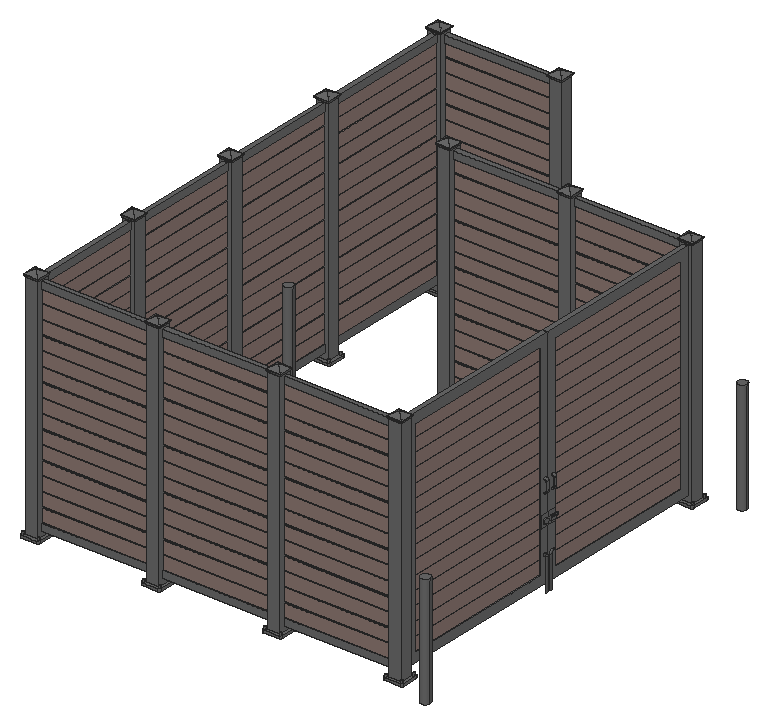
Revit family "Enclosure_System-CityScapes-Covrit-1313_ADA", category Specialty Equipment, Revit 2021
Family settings
  Round Connector Dimension = Use Diameter
  Part Type = Normal
  Work Plane-Based = No
  Always vertical = Yes
  Cut with Voids When Loaded = No
  Shared = No
  Room Calculation Point = No
Parameters (values of type "8' Height")
  Width = 13' - 0"  # constant formula
  URL = "https://cityscapesinc.com/"
  Square Posts Material [instance] = Aluminum - CityScapes - Electric Black
  Specification = "https://www.arcat.com/company/cityscapes-international-inc-40042/spec"
  Round Posts Material [instance] = Aluminum - CityScapes - Electric Black
  Product Page URL = "https://www.arcat.com/arcatcos/cos40/arc40042.html"
  Post Height = Square_Post-Covrit-CityScapes : Square Post 8'
  Panel Material [instance] = PVC Board - CityScapes - Plankwall - Sequoia
  Model = "Covrit 1313 ADA"  # constant formula
  Manufacturer = "CityScapes"  # constant formula
  Length = 18' - 0"  # constant formula
  Keynote = "32 35 00 "
  Height = 8' - 0"
  Frame Material [instance] = Aluminum - CityScapes - Electric Black
  Description = "Dumpster Enclosures, Single Walk-In, ADA"  # constant formula
  Default Elevation = 0' - 0"
  Copyright = "© 2023 ARCAT"  # constant formula
  CAD Details = "https://www.arcat.com/company/cityscapes-international-inc-40042/cad"
Types (3): name | Post Height | Height
  6' Height | Square_Post-Covrit-CityScapes : Square Post 6' | 6' - 0"
  7' Height | Square_Post-Covrit-CityScapes : Square Post 7' | 7' - 0"
  8' Height | Square_Post-Covrit-CityScapes : Square Post 8' | 8' - 0"
Reference planes (in)
  plane 1 "Center (Front/Back)": y = 0
  plane 2: z = 0
  plane 3 "Center (Left/Right)": x = 0
  plane 4: x = 78
  plane 5: x = -78
  plane 6: y = 108
  plane 7: y = -108
  plane 8: z = 99.5
  plane 9: z = 3.5
  plane 10: y = 48
Forms (in)
  Extrusion 1, solid, material "Aluminum - CityScapes - Electric Black" <- "Round Posts Material"
    sketch origin (0, 0, 0) x (1, 0, 0) y (0, 1, 0)
      loop
        circle (94.5, -115) r 2
      loop
        circle (94.5, 54.99567) r 2
      loop
        circle (-65.99898, -72) r 2
      loop
        circle (-66, 12.01535) r 2
    from 0 to 48
  Sweep 2, solid, material "Aluminum - CityScapes - Electric Black"
    path origin (3.52027, -30.03543, 0) x (0, 1, 0) y (0, 0, 1)
      loop
        line (-1, 0) -> (-1, 14)
        arc (-1, 14) -> (-1.29289, 14.70711) -> (-2, 15) r 1
        line (-2, 15) -> (-2.75, 15)
    profile origin (3.52027, -31.03543, 7) x (0, -1, 0) y (1, 0, 0)
      loop
        circle (0, 75.75) r 0.30152
  Sweep 3, solid, material "Aluminum - CityScapes - Electric Black"
    path origin (-8.5, 0, 0) x (1, 0, 0) y (0, 0, 1)
      loop
        line (87.46875, 38.76865) -> (87.96875, 38.76865)
        arc (87.96875, 38.76865) -> (88.67586, 39.06154) -> (88.96875, 39.76865) r 1
        line (88.96875, 39.76865) -> (88.96875, 43.26865)
        arc (88.96875, 43.26865) -> (88.67586, 43.97576) -> (87.96875, 44.26865) r 1
        line (87.96875, 44.26865) -> (87.46875, 44.26865)
    profile origin (80.46875, 0, 41.51865) x (-1, 0, 0) y (0, -1, 0)
      loop
        line (-0.125, 27.5) -> (0.125, 27.5) -> (0.125, 28.5) -> (-0.125, 28.5) -> (-0.125, 27.5)
      loop
        line (-0.125, 32.5) -> (-0.125, 31.5) -> (0.125, 31.5) -> (0.125, 32.5) -> (-0.125, 32.5)
  Sweep 4, solid, material "Aluminum - CityScapes - Electric Black"
    path origin (3.52027, -29.96457, 0) x (0, -1, 0) y (0, 0, -1)
      loop
        line (-1, 0) -> (-1, -14)
        arc (-1, -14) -> (-1.29289, -14.70711) -> (-2, -15) r 1
        line (-2, -15) -> (-2.75, -15)
    profile origin (3.52027, -28.96457, 7) x (0, -1, 0) y (1, 0, 0)
      loop
        circle (0, 75.75) r 0.30152
Lines and regions (in)
  symbolic lines
    curve 1: line (78, 45.37269, 0) -> (153.50011, 45.37269, 0)
    curve 2: arc (78.00005, -30.12736, 0) -> (131.38665, -8.01391, 0) -> (153.50011, 45.37269, 0) r 75.50005
    curve 3: line (78, -105.5, 0) -> (153.5, -105.5, 0)
    curve 4: arc (78, -30, 0) -> (131.38656, -52.11344, 0) -> (153.5, -105.5, 0) r 75.5
Dimensions and locks (in)
  "Height": plane 8 to plane 9
  plane 8 to plane 2 = 8' - 3 1/2"
  nested 9 to level = 0' - 3 1/2"
  nested 8 to nested 8 = 0' - 3 1/8"
  locked: nested 19 to plane 2 at 27.875
  locked: plane 9 to plane 2 at 3.5
  nested 4 to nested 5 to nested 20 to nested 2 = 4' - 4", 4' - 4", 4' - 4"
  nested 4 to nested 6 to nested 24 to nested 14 to nested 1 = 4' - 4", 4' - 4", 4' - 4", 5' - 0"
  nested 4 to nested 2 = 13' - 0"
  nested 4 to nested 1 = 18' - 0"
  nested 2 to nested 13 to nested 16 = 6' - 3.49483", 6' - 3.36985"
  plane 10 to nested 7 = 5' - 0"
  nested 1 to nested 7 = 4' - 4"
  nested 7 to nested 22 to curve 2 = 4' - 4", 4' - 4.00005"
  nested 1 to nested 16 = 13' - 0"
  aligned and locked: plane 2 to level
  aligned and locked: nested 2 to plane 7
  aligned and locked: plane 4 to nested 2
  aligned and locked: plane 5 to nested 1
  aligned and locked: nested 1 to plane 6
  aligned and locked: Extrusion 1 to plane 2
  aligned and locked: nested 2 to plane 2
  aligned and locked: plane 2 to nested 2
  aligned and locked: nested 5 to plane 2
  aligned and locked: nested 7 to plane 2
  aligned and locked: plane 2 to nested 5
  aligned and locked: plane 5 to nested 14
  aligned and locked: nested 4 to plane 5
  aligned and locked: nested 18 to plane 5
  aligned and locked: plane 4 to nested 12
  aligned and locked: plane 4 to nested 13
Automatic sketch dimensions
  plane 5 to Extrusion 1 sketch curve = 1' - 0"
  plane 5 to Extrusion 1 sketch curve = 1' - 0.00102"
  Extrusion 1 sketch curve to plane 7 = 0' - 7"
  plane 4 to Extrusion 1 sketch curve = 1' - 4 1/2"  (x2)
  Extrusion 1 sketch curve to plane 6 = 4' - 5.00433"
  Extrusion 1 sketch curve to plane 1 "Center (Front/Back)" = 1' - 0.01535"
  Extrusion 1 sketch curve to Extrusion 1 sketch curve = 0' - 2"  (x4)
  Sweep 2 sketch curve to level = 0' - 0"
  plane 1 "Center (Front/Back)" to Sweep 2 sketch curve = 2' - 8.03543"
  Sweep 2 sketch curve to Sweep 2 sketch curve = 0' - 1"
  level to Sweep 2 sketch curve = 1' - 2"
  Sweep 2 sketch curve to Sweep 2 sketch curve = 0' - 0 3/4"
  Sweep 2 sketch curve to profile plane = 0' - 0"
  profile plane to Sweep 2 sketch curve = 6' - 3 3/4"
  Sweep 4 sketch curve to level = 0' - 0"
  plane 1 "Center (Front/Back)" to Sweep 4 sketch curve = 2' - 3.96457"
  Sweep 4 sketch curve to Sweep 4 sketch curve = 0' - 1"
  level to Sweep 4 sketch curve = 1' - 2"
  Sweep 4 sketch curve to Sweep 4 sketch curve = 0' - 0 3/4"
  Sweep 4 sketch curve to profile plane = 0' - 0"
  profile plane to Sweep 4 sketch curve = 6' - 3 3/4"
  Sweep 3 sketch curve to Sweep 3 sketch curve = 0' - 1"  (x4)
  level to Sweep 3 sketch curve = 3' - 2.76865"
  Sweep 3 sketch curve to Sweep 3 sketch curve = 0' - 3 1/2"
  Sweep 3 sketch curve to Sweep 3 sketch curve = 0' - 0 1/2"  (x2)
  profile plane to Sweep 3 sketch curve = 0' - 0 1/8"  (x2)
  Sweep 3 sketch curve to profile plane = 0' - 0 1/8"  (x2)
  plane 1 "Center (Front/Back)" to Sweep 3 sketch curve = 2' - 3 1/2"
  plane 1 "Center (Front/Back)" to Sweep 3 sketch curve = 2' - 7 1/2"
  Extrusion 1 sketch curve to Extrusion 1 sketch curve = 0' - 0"
  plane 7 to Extrusion 1 sketch curve = 3' - 0"
  plane 4 to Sweep 3 sketch curve = 0' - 1 15/32"
  curve 4 to plane 4 = 0' - 0"
  curve 3 to plane 4 = 0' - 0"
  curve 1 to plane 4 = 0' - 0"
  plane 7 to curve 3 = 0' - 2 1/2"
  curve 3 to curve 3 = 6' - 3 1/2"
  plane 10 to curve 1 = 0' - 2.62731"
  curve 2 to curve 1 = 6' - 3.50005"
  radius of Sweep 2 sketch curve = 0' - 0.30152"
  radius of Sweep 4 sketch curve = 0' - 0.30152"
Nested families (in)
  nested 1: "Square_Post-Covrit-CityScapes" at (-78, 108, 0), type <- "Post Height", type "Square Post 8'"
  nested 2: "Square_Post-Covrit-CityScapes" at (78, -108, 0), type <- "Post Height", type "Square Post 8'"
  nested 3: "Panel-Covrit-CityScapes" at (-51.99929, 106.96875, 3.5) x (0, 1, 0) z (0, 0, 1), FRAME MATERIAL <- "Frame Material", MATERIAL <- "Panel Material", type "Panel"
    with Panel_Length 3' - 10 189/256", MATERIAL PVC Board - CityScapes - Plankwall - Sequoia, FRAME MATERIAL Aluminum - CityScapes - Electric Black
  nested 4: "Square_Post-Covrit-CityScapes" at (-78, -108, 0), type <- "Post Height", type "Square Post 8'"
  nested 5: "Square_Post-Covrit-CityScapes" at (-26, -108, 0), type <- "Post Height", type "Square Post 8'"
  nested 6: "Square_Post-Covrit-CityScapes" at (-78, -56, 0), type <- "Post Height", type "Square Post 8'"
  nested 7: "Square_Post-Covrit-CityScapes" at (-26, 108, 0), type <- "Post Height", type "Square Post 8'"
  nested 8: "Panel-Covrit-CityScapes" at (-51.99929, -106.96875, 3.5) x (0, -1, 0) z (0, 0, 1), FRAME MATERIAL <- "Frame Material", MATERIAL <- "Panel Material", type "Panel"
    with Panel_Length 3' - 10 189/256", MATERIAL PVC Board - CityScapes - Plankwall - Sequoia, FRAME MATERIAL Aluminum - CityScapes - Electric Black
  nested 9: "Panel-Covrit-CityScapes" at (51.99929, -106.96875, 3.5) x (0, -1, 0) z (0, 0, 1), FRAME MATERIAL <- "Frame Material", MATERIAL <- "Panel Material", type "Panel"
    with Panel_Length 3' - 10 189/256", MATERIAL PVC Board - CityScapes - Plankwall - Sequoia, FRAME MATERIAL Aluminum - CityScapes - Electric Black
  nested 10: "Panel-Covrit-CityScapes" at (-76.96875, -82.06107, 3.5) x (-1, 0, 0) z (0, 0, 1), FRAME MATERIAL <- "Frame Material", MATERIAL <- "Panel Material", type "Panel"
    with Panel_Length 3' - 10.86752", MATERIAL PVC Board - CityScapes - Plankwall - Sequoia, FRAME MATERIAL Aluminum - CityScapes - Electric Black
  nested 11: "Panel-Covrit-CityScapes" at (-76.96875, -30.06107, 3.5) x (-1, 0, 0) z (0, 0, 1), FRAME MATERIAL <- "Frame Material", MATERIAL <- "Panel Material", type "Panel"
    with Panel_Length 3' - 10.86752", MATERIAL PVC Board - CityScapes - Plankwall - Sequoia, FRAME MATERIAL Aluminum - CityScapes - Electric Black
  nested 12: "Gate-Panel-CityScapes" at (76.96875, 7.68635, 3.5), FRAME MATERIAL <- "Frame Material", MATERIAL <- "Panel Material", type "Gate Panel"
    with Planks Length 5' - 7.37269", Panel_Length 6' - 3.37269", MATERIAL PVC Board - CityScapes - Plankwall - Sequoia, FRAME MATERIAL Aluminum - CityScapes - Electric Black, Planks Qunatity Aux 15, Planks Quantity 16, Panel_Height 8' - 0", Gap Between Planks 0' - 7 1/2"
  nested 13: "Gate-Panel-CityScapes" at (76.96875, -67.75, 3.5), FRAME MATERIAL <- "Frame Material", MATERIAL <- "Panel Material", type "Gate Panel"
    with Planks Length 5' - 7 1/2", Panel_Length 6' - 3 1/2", MATERIAL PVC Board - CityScapes - Plankwall - Sequoia, FRAME MATERIAL Aluminum - CityScapes - Electric Black, Planks Qunatity Aux 15, Planks Quantity 16, Panel_Height 8' - 0", Gap Between Planks 0' - 7 1/2"
  nested 14: "Square_Post-Covrit-CityScapes" at (-78, 48, 0), type <- "Post Height", type "Square Post 8'"
  nested 15: "Square_Post-Covrit-CityScapes" at (-26, 48, 0), type <- "Post Height", type "Square Post 8'"
  nested 16: "Square_Post-Covrit-CityScapes" at (78, 48, 0), type <- "Post Height", type "Square Post 8'"
  nested 17: "Panel-Covrit-CityScapes" at (51.99929, 46.96875, 3.5) x (0, 1, 0) z (0, 0, 1), FRAME MATERIAL <- "Frame Material", MATERIAL <- "Panel Material", type "Panel"
    with Panel_Length 3' - 10 189/256", MATERIAL PVC Board - CityScapes - Plankwall - Sequoia, FRAME MATERIAL Aluminum - CityScapes - Electric Black
  nested 18: "Panel-Covrit-CityScapes" at (-76.96875, 77.93751, 3.5) x (-1, 0, 0) z (0, 0, 1), FRAME MATERIAL <- "Frame Material", MATERIAL <- "Panel Material", type "Panel"
    with Panel_Length 4' - 6.86468", MATERIAL PVC Board - CityScapes - Plankwall - Sequoia, FRAME MATERIAL Aluminum - CityScapes - Electric Black
  nested 19: "Gate-CityScapes-Modern_Latch" at (78, -30, 27.875) x (0, 1, 0) z (0, 0, 1), type "Latch"
  nested 20: "Square_Post-Covrit-CityScapes" at (26, -108, 0), type <- "Post Height", type "Square Post 8'"
  nested 21: "Panel-Covrit-CityScapes" at (0.00071, -106.96875, 3.5) x (0, -1, 0) z (0, 0, 1), FRAME MATERIAL <- "Frame Material", MATERIAL <- "Panel Material", type "Panel"
    with Panel_Length 3' - 10 189/256", MATERIAL PVC Board - CityScapes - Plankwall - Sequoia, FRAME MATERIAL Aluminum - CityScapes - Electric Black
  nested 22: "Square_Post-Covrit-CityScapes" at (26, 48, 0), type <- "Post Height", type "Square Post 8'"
  nested 23: "Panel-Covrit-CityScapes" at (-0.00071, 46.96875, 3.5) x (0, 1, 0) z (0, 0, 1), FRAME MATERIAL <- "Frame Material", MATERIAL <- "Panel Material", type "Panel"
    with Panel_Length 3' - 10 189/256", MATERIAL PVC Board - CityScapes - Plankwall - Sequoia, FRAME MATERIAL Aluminum - CityScapes - Electric Black
  nested 24: "Square_Post-Covrit-CityScapes" at (-78, -4, 0), type <- "Post Height", type "Square Post 8'"
  nested 25: "Panel-Covrit-CityScapes" at (-76.96875, 21.93893, 3.5) x (-1, 0, 0) z (0, 0, 1), FRAME MATERIAL <- "Frame Material", MATERIAL <- "Panel Material", type "Panel"
    with Panel_Length 3' - 10.86752", MATERIAL PVC Board - CityScapes - Plankwall - Sequoia, FRAME MATERIAL Aluminum - CityScapes - Electric Black
Definition of nested family "Square_Post-Covrit-CityScapes"
  Parameters (values of type "Square Post 7'")
    TPost_Height = 7' - 4"
    Post_DIM = 0' - 8.2682"
    Post Material = none
    Default Elevation = 0' - 0"
  Types (3): name | TPost_Height | Post_DIM
    Square Post 6' | 6' - 4" | 0' - 8.26536"
    Square Post 7' | 7' - 4" | 0' - 8.2682"
    Square Post 8' | 8' - 4" | 0' - 8.2682"
  Reference planes (in)
    plane 1 "Center (Front/Back)": y = 0
    plane 2: z = 0
    plane 3 "Center (Left/Right)": x = 0
    plane 4: x = 4.1341
    plane 5: y = 4.1341
    plane 6: y = -4.1341
    plane 7: x = -4.1341
    plane 8: z = 88
  Forms (in)
    Extrusion 1, solid, material <- "Post Material"
      sketch origin (0, 0, 0) x (1, 0, 0) y (0, 1, 0)
        loop
          line (2.63157, 2.50517) -> (-2.63157, 2.50517) -> (-2.63157, -2.63015) -> (2.63157, -2.63015) -> (2.63157, 2.50517)
      from 0 to 88
    Sweep 2, solid, material <- "Post Material"
      path in 3D
        loop
          line (-2.63157, 2.50517, 88) -> (-2.63157, -2.63015, 88) -> (2.63157, -2.63015, 88) -> (2.63157, 2.50517, 88) -> (-2.63157, 2.50517, 88)
      profile origin (0, 2.50517, 88) x (0, -1, 0) y (0, 0, 1)
        loop
          line (0, 0) -> (0, 0.0625) -> (-0.5, 0.92853) -> (-0.5, 1.1985) -> (2.50517, 2.93353) -> (2.50517, 2.96962) -> (-0.53125, 1.21654) -> (-0.53125, 0.92015) -> (0, 0)
    Extrusion 3, solid, material <- "Post Material"
      sketch origin (0, 0, 0) x (1, 0, 0) y (0, 1, 0)
        loop
          line (4.1341, -3.43396) -> (4.1341, 3.43396)
          arc (4.1341, 3.43396) -> (3.92903, 3.92903) -> (3.43396, 4.1341) r 0.70014
          line (3.43396, 4.1341) -> (-3.43396, 4.1341)
          arc (-3.43396, 4.1341) -> (-3.92903, 3.92903) -> (-4.1341, 3.43396) r 0.70014
          line (-4.1341, 3.43396) -> (-4.1341, -3.43396)
          arc (-4.1341, -3.43396) -> (-3.92903, -3.92903) -> (-3.43396, -4.1341) r 0.70014
          line (-3.43396, -4.1341) -> (3.43396, -4.1341)
          arc (3.43396, -4.1341) -> (3.92903, -3.92903) -> (4.1341, -3.43396) r 0.70014
      from 0 to 1
    Extrusion 4, solid, material <- "Post Material"
      sketch origin (0, 0, 0) x (1, 0, 0) y (0, 1, 0)
        loop
          circle (-3.38236, 3.27648) r 0.32836
        loop
          circle (3.29243, 3.27648) r 0.32836
        loop
          circle (3.29243, -3.27648) r 0.32836
        loop
          circle (-3.38236, -3.27648) r 0.32836
      from 0 to 2
  Cuts and joins
    joined: Extrusion 1, Sweep 2, Extrusion 3, Extrusion 4
  Lines and regions (in)
    sketch lines
      curve 1: line (2.63157, 2.50517, 88) -> (-2.63157, 2.50517, 88)
      curve 2: line (2.63157, -2.63015, 88) -> (2.63157, 2.50517, 88)
      curve 3: line (-2.63157, -2.63015, 88) -> (2.63157, -2.63015, 88)
      curve 4: line (-2.63157, 2.50517, 88) -> (-2.63157, -2.63015, 88)
  Dimensions and locks (in)
    "Post_DIM": plane 5 to plane 6
    "Post_DIM": plane 7 to plane 4
    "TPost_Height": plane 8 to plane 2
    equal spacing: cut or joined group of Extrusion 1, Sweep 2, Extrusion 3, Extrusion 4, plane 3 "Center (Left/Right)", cut or joined group of Extrusion 1, Sweep 2, Extrusion 3, Extrusion 4
    equal spacing: plane 7, plane 3 "Center (Left/Right)", plane 4
    aligned and locked: plane 2 to level
    aligned and locked: plane 8 to Extrusion 1
    aligned and locked: Extrusion 1 to plane 2
    aligned and locked: Sweep 2 sketch curve to profile plane
    aligned and locked: cut or joined group of Extrusion 1, Sweep 2, Extrusion 3, Extrusion 4 to plane 7
    aligned and locked: plane 4 to cut or joined group of Extrusion 1, Sweep 2, Extrusion 3, Extrusion 4
  Automatic sketch dimensions
    Extrusion 3 sketch curve to plane 6 = 0' - 0"
    Extrusion 3 sketch curve to plane 5 = 0' - 0"
    Extrusion 3 sketch curve to plane 4 = 0' - 0"
    Extrusion 3 sketch curve to plane 4 = 0' - 0.70014"  (x2)
    plane 7 to Extrusion 3 sketch curve = 0' - 0.70014"  (x2)
    plane 7 to Extrusion 3 sketch curve = 0' - 0"
    plane 7 to Extrusion 4 sketch curve = 0' - 0.75175"  (x2)
    Extrusion 4 sketch curve to plane 5 = 0' - 0.85762"  (x2)
    Extrusion 4 sketch curve to Extrusion 4 sketch curve = 0' - 0.32836"  (x4)
    Extrusion 4 sketch curve to plane 4 = 0' - 0.84167"  (x2)
    plane 6 to Extrusion 4 sketch curve = 0' - 0.85762"  (x2)
    Extrusion 4 sketch curve to Extrusion 4 sketch curve = 0' - 0"  (x2)
    plane 7 to Extrusion 1 sketch curve = 0' - 1.50253"
    plane 6 to Extrusion 1 sketch curve = 0' - 1.50395"
    Extrusion 1 sketch curve to plane 4 = 0' - 1.50253"
    Extrusion 1 sketch curve to plane 5 = 0' - 1.62893"
    Sweep 2 sketch curve to profile plane = 0' - 0"
    profile plane to Sweep 2 sketch curve = 0' - 0 1/2"
    Sweep 2 sketch curve to Sweep 2 sketch curve = 0' - 0 1/32"
    profile plane to Sweep 2 sketch curve = 0' - 0 1/16"
    profile plane to Sweep 2 sketch curve = 0' - 0.92015"
    Sweep 2 sketch curve to Sweep 2 sketch curve = 0' - 0.00837"
    Sweep 2 sketch curve to Sweep 2 sketch curve = 0' - 0.26997"
    Sweep 2 sketch curve to Sweep 2 sketch curve = 0' - 0.01804"
    Sweep 2 sketch curve to profile plane = 0' - 2.50517"
    Sweep 2 sketch curve to Sweep 2 sketch curve = 0' - 1.73504"
    Sweep 2 sketch curve to Sweep 2 sketch curve = 0' - 0.03608"
Definition of nested family "Panel-Covrit-CityScapes"
  Parameters (values of type "Covrit Panel")
    Planks Qunatity Aux = (Panel_Height - (0' 3 1/8" * 2) - Gap Between Planks) / 0' 5 1/2"  # 15
    Planks Quantity = (Panel_Height - (0' 3 1/8" * 2)) / 0' 5 1/2"  # 16
    Trim_Depth = 0' - 0 23/32"
    SOLID PANEL DEPTH = 0' - 1"
    Profile_Height = 0' - 5 1/2"  # constant formula
    Panel_Length [instance] = 6' - 0"
    Panel_Height = 8' - 0"
    MATERIAL [instance] = none
    Gap Between Planks = (Planks Quantity - 1) * 0' 0 1/2"  # 0' - 7 1/2"
    FRAME WIDTH = 0' - 3 1/8"  # constant formula
    FRAME MATERIAL [instance] = none
    FRAME DEPTH = 0' - 2"  # constant formula
    Description = ""
    Default Elevation = 0' - 0"
  Reference planes (in)
    plane 1 "Center (Front/Back)": y = 0
    plane 2: z = 0
    plane 3 "Center (Left/Right)": x = 0
    plane 4 "FrameLeft": y = 36
    plane 5 "FrameRight": y = -36
    plane 6 "top": z = 96
    plane 7 "framebottom": z = 92.875
    plane 8: z = 3.125
    plane 9: z = 48
    plane 10: x = 1.03125
    plane 11: x = 2
  Forms (in)
    Extrusion 1, solid, material <- "FRAME MATERIAL"
      sketch origin (0, 0, 0) x (0, 1, 0) y (0, 0, 1)
        loop
          line (36, 0) -> (36, 3.125) -> (-36, 3.125) -> (-36, 0) -> (36, 0)
        loop
          line (36, 96) -> (-36, 96) -> (-36, 92.875) -> (36, 92.875) -> (36, 96)
      from 0 to 2
    Extrusion 2, solid
      sketch origin (0, 0, 0) x (1, 0, 0) y (0, 0, 1)
        loop
          line (1.09375, 3.125) -> (1.09375, 92.875) -> (0.96875, 92.875) -> (0.96875, 3.125) -> (1.09375, 3.125)
      from -36 to 36
  Text (in)
    text "EXTERIOR" at (58.92048, 7.19966, 0), in view "Ref. Level"
    text "EXTERIOR" at (58.92048, 7.19966, 0), in view "Ref. Level Copy 1"
    text "EXTERIOR" at (40.89755, 0, 33.52979), in view "Side"
  Dimensions and locks (in)
    "Panel_Length": plane 4 "FrameLeft" to plane 5 "FrameRight"
    equal spacing: plane 4 "FrameLeft", plane 1 "Center (Front/Back)", plane 5 "FrameRight"  (x2)
    "FRAME WIDTH": plane 6 "top" to plane 7 "framebottom"
    "FRAME WIDTH": plane 8 to plane 2
    plane 4 "FrameLeft" to plane 5 "FrameRight" = 6' - 0"  (x2)
    equal spacing: plane 6 "top", plane 9, plane 2
    "Panel_Height": plane 6 "top" to plane 2
    plane 6 "top" to plane 2 = 8' - 0"
    equal spacing: group 1, group 3, group 4, group 5, group 6, group 7, group 8, group 9, group 10, group 11, group 12, group 13, group 14, group 15, group 2  (x3)
    "FRAME DEPTH": plane 11 to plane 3 "Center (Left/Right)"
    Extrusion 2 sketch curve to plane 10 to Extrusion 2 sketch curve = 0' - 0 1/16" locked, 0' - 0 1/16" locked
    aligned and locked: plane 2 to level
    aligned and locked: plane 4 "FrameLeft" to Extrusion 1 sketch curve
    aligned and locked: plane 6 "top" to Extrusion 1 sketch curve
    aligned and locked: plane 5 "FrameRight" to Extrusion 1 sketch curve
    aligned and locked: plane 2 to Extrusion 1 sketch curve
    aligned and locked: plane 7 "framebottom" to Extrusion 1 sketch curve
    aligned and locked: Extrusion 1 sketch curve to plane 8
    aligned and locked: Extrusion 1 to plane 3 "Center (Left/Right)"
    aligned and locked: nested 1 to plane 4 "FrameLeft"
    aligned and locked: nested 1 to plane 8
    aligned and locked: plane 10 to nested 1
    aligned and locked: plane 7 "framebottom" to nested 2
    aligned and locked: plane 10 to nested 2
    aligned and locked: plane 11 to Extrusion 1
    aligned and locked: plane 8 to Extrusion 2 sketch curve
    aligned and locked: Extrusion 2 sketch curve to plane 7 "framebottom"
    aligned and locked: plane 4 "FrameLeft" to Extrusion 2
    aligned and locked: Extrusion 2 to plane 5 "FrameRight"
  Automatic sketch dimensions
    Extrusion 1 sketch curve to plane 5 "FrameRight" = 0' - 0"
    Extrusion 1 sketch curve to plane 4 "FrameLeft" = 0' - 0"
  Nested families (in)
    nested 1: "PANEL TRIM" at (1.03125, 0, 3.125), MATERIAL <- "MATERIAL", type "PANEL TRIM"
      with Profile_Length 6' - 0", Profile_Height 0' - 5 1/2"
    nested 2: "PANEL TRIM" at (1.03125, 0, 87.375), MATERIAL <- "MATERIAL", type "PANEL TRIM"
      with Profile_Length 6' - 0", Profile_Height 0' - 5 1/2"
    nested 3: "PANEL TRIM" at (1.03125, 0, 9.14286), MATERIAL <- "MATERIAL", type "PANEL TRIM"
      with Profile_Length 6' - 0", Profile_Height 0' - 5 1/2"
    nested 4: "PANEL TRIM" at (1.03125, 0, 15.16071), MATERIAL <- "MATERIAL", type "PANEL TRIM"
      with Profile_Length 6' - 0", Profile_Height 0' - 5 1/2"
    nested 5: "PANEL TRIM" at (1.03125, 0, 21.17857), MATERIAL <- "MATERIAL", type "PANEL TRIM"
      with Profile_Length 6' - 0", Profile_Height 0' - 5 1/2"
    nested 6: "PANEL TRIM" at (1.03125, 0, 27.19643), MATERIAL <- "MATERIAL", type "PANEL TRIM"
      with Profile_Length 6' - 0", Profile_Height 0' - 5 1/2"
    nested 7: "PANEL TRIM" at (1.03125, 0, 33.21429), MATERIAL <- "MATERIAL", type "PANEL TRIM"
      with Profile_Length 6' - 0", Profile_Height 0' - 5 1/2"
    nested 8: "PANEL TRIM" at (1.03125, 0, 39.23214), MATERIAL <- "MATERIAL", type "PANEL TRIM"
      with Profile_Length 6' - 0", Profile_Height 0' - 5 1/2"
    nested 9: "PANEL TRIM" at (1.03125, 0, 45.25), MATERIAL <- "MATERIAL", type "PANEL TRIM"
      with Profile_Length 6' - 0", Profile_Height 0' - 5 1/2"
    nested 10: "PANEL TRIM" at (1.03125, 0, 51.26786), MATERIAL <- "MATERIAL", type "PANEL TRIM"
      with Profile_Length 6' - 0", Profile_Height 0' - 5 1/2"
    nested 11: "PANEL TRIM" at (1.03125, 0, 57.28571), MATERIAL <- "MATERIAL", type "PANEL TRIM"
      with Profile_Length 6' - 0", Profile_Height 0' - 5 1/2"
    nested 12: "PANEL TRIM" at (1.03125, 0, 63.30357), MATERIAL <- "MATERIAL", type "PANEL TRIM"
      with Profile_Length 6' - 0", Profile_Height 0' - 5 1/2"
    nested 13: "PANEL TRIM" at (1.03125, 0, 69.32143), MATERIAL <- "MATERIAL", type "PANEL TRIM"
      with Profile_Length 6' - 0", Profile_Height 0' - 5 1/2"
    nested 14: "PANEL TRIM" at (1.03125, 0, 75.33929), MATERIAL <- "MATERIAL", type "PANEL TRIM"
      with Profile_Length 6' - 0", Profile_Height 0' - 5 1/2"
    nested 15: "PANEL TRIM" at (1.03125, 0, 81.35714), MATERIAL <- "MATERIAL", type "PANEL TRIM"
      with Profile_Length 6' - 0", Profile_Height 0' - 5 1/2"
  Definition of nested family "PANEL TRIM"
    Parameters (values of type "PANEL TRIM")
      Profile_Length = 5' - 6"
      Profile_Height = 0' - 5"
      Profile_Depth = 0' - 0 23/32"
      MATERIAL [instance] = none
      Default Elevation = 0' - 0"
    Reference planes (in)
      plane 1 "Center (Front/Back)": y = 0
      plane 2: z = 0
      plane 3 "Center (Left/Right)": x = 0
      plane 4: z = 5
      plane 5: y = 33
      plane 6: y = -33
    Forms (in)
      Extrusion 1, solid, material <- "MATERIAL"
        sketch origin (-0.35938, 0, 0) x (1, 0, 0) y (0, 1, 0)
          loop
            line (-0.14062, 33) -> (-0.14062, -33) -> (0.85938, -33) -> (0.85938, 33) -> (-0.14062, 33)
        from 0 to 5
    Dimensions and locks (in)
      equal spacing: plane 6, plane 1 "Center (Front/Back)", plane 5
      "Profile_Length": plane 6 to plane 5
      "Profile_Height": plane 4 to plane 2
      aligned and locked: plane 2 to level
      aligned and locked: plane 5 to Extrusion 1 sketch curve
      aligned and locked: Extrusion 1 sketch curve to plane 6
      aligned and locked: plane 4 to Extrusion 1
      aligned and locked: Extrusion 1 to plane 2
    Automatic sketch dimensions
      Extrusion 1 sketch curve to plane 3 "Center (Left/Right)" = 0' - 0 1/2"
      plane 3 "Center (Left/Right)" to Extrusion 1 sketch curve = 0' - 0 1/2"
Definition of nested family "Gate-Panel-CityScapes"
  Parameters (values of type "Covrit Panel 1111 -  7'")
    Planks Qunatity Aux = (Panel_Height - (0' 4" * 2) - Gap Between Planks) / 0' 5 1/2"  # 13
    Planks Quantity = (Panel_Height - (0' 4" * 2)) / 0' 5 1/2"  # 14
    Trim_Depth = 0' - 0 23/32"
    SOLID PANEL DEPTH = 0' - 1"
    Profile_Height = 0' - 5 1/2"  # constant formula
    Planks Length [instance] = Panel_Length - (FRAME WIDTH * 2)  # 5' - 4"
    Panel_Length [instance] = 6' - 0"
    Panel_Height = 7' - 0"
    MATERIAL [instance] = none
    Gap Between Planks = (Planks Quantity - 1) * 0' 0 1/2"  # 0' - 6 1/2"
    FRAME WIDTH = 0' - 4"  # constant formula
    FRAME MATERIAL [instance] = none
    FRAME DEPTH = 0' - 2"  # constant formula
    Description = ""
    Default Elevation = 0' - 0"
  Types (3): name | Planks Qunatity Aux | Planks Quantity | Planks Length | Panel_Length | Panel_Height | Gap Between Planks
    Covrit Panel 1111 -  6' | 11 | 12 | 4' - 10" | 5' - 6" | 6' - 0" | 0' - 5 1/2"
    Covrit Panel 1111 -  7' | 13 | 14 | 5' - 4" | 6' - 0" | 7' - 0" | 0' - 6 1/2"
    Covrit Panel 1111 -  8' | 15 | 16 | 5' - 4" | 6' - 0" | 8' - 0" | 0' - 7 1/2"
  Reference planes (in)
    plane 1 "Center (Front/Back)": y = 0
    plane 2: z = 0
    plane 3 "Center (Left/Right)": x = 0
    plane 4 "FrameLeft": y = 36
    plane 5 "FrameRight": y = -36
    plane 6 "top": z = 84
    plane 7 "framebottom": z = 80
    plane 8: z = 4
    plane 9: z = 42
    plane 10: x = 1.03125
    plane 11: x = 2
    plane 12: y = -32
    plane 13: y = 32
  Forms (in)
    Extrusion 1, solid, material <- "FRAME MATERIAL"
      sketch origin (0, 0, 0) x (0, 1, 0) y (0, 0, 1)
        loop
          line (36, 0) -> (36, 84) -> (-36, 84) -> (-36, 0) -> (36, 0)
        loop
          line (32, 80) -> (-32, 80) -> (-32, 4) -> (32, 4) -> (32, 80)
      from 0 to 2
    Extrusion 2, solid
      sketch origin (0, 0, 0) x (1, 0, 0) y (0, 0, 1)
        loop
          line (1.09375, 4) -> (1.09375, 80) -> (0.96875, 80) -> (0.96875, 4) -> (1.09375, 4)
      from -32 to 32
  Text (in)
    text "EXTERIOR" at (58.92048, 7.19966, 0), in view "Ref. Level"
    text "EXTERIOR" at (58.92048, 7.19966, 0), in view "Ref. Level Copy 1"
    text "EXTERIOR" at (40.89755, 0, 33.52979), in view "Side"
  Dimensions and locks (in)
    "Panel_Length": plane 4 "FrameLeft" to plane 5 "FrameRight"
    equal spacing: plane 4 "FrameLeft", plane 1 "Center (Front/Back)", plane 5 "FrameRight"  (x2)
    "FRAME WIDTH": plane 6 "top" to plane 7 "framebottom"
    "FRAME WIDTH": plane 8 to plane 2
    plane 4 "FrameLeft" to plane 5 "FrameRight" = 6' - 0"  (x2)
    equal spacing: plane 6 "top", plane 9, plane 2
    "Panel_Height": plane 6 "top" to plane 2
    plane 6 "top" to plane 2 = 7' - 0"
    equal spacing: group 1, group 3, group 4, group 5, group 6, group 7, group 8, group 9, group 10, group 11, group 12, group 13, group 2  (x3)
    "FRAME DEPTH": plane 11 to plane 3 "Center (Left/Right)"
    Extrusion 2 sketch curve to plane 10 to Extrusion 2 sketch curve = 0' - 0 1/16" locked, 0' - 0 1/16" locked
    "FRAME WIDTH": plane 5 "FrameRight" to Extrusion 1 sketch curve
    "FRAME WIDTH": Extrusion 1 sketch curve to plane 4 "FrameLeft"
    "FRAME WIDTH": plane 5 "FrameRight" to plane 12
    "FRAME WIDTH": plane 13 to plane 4 "FrameLeft"
    aligned and locked: plane 2 to level
    aligned and locked: plane 4 "FrameLeft" to Extrusion 1 sketch curve
    aligned and locked: plane 6 "top" to Extrusion 1 sketch curve
    aligned and locked: plane 5 "FrameRight" to Extrusion 1 sketch curve
    aligned and locked: plane 2 to Extrusion 1 sketch curve
    aligned and locked: plane 7 "framebottom" to Extrusion 1 sketch curve
    aligned and locked: plane 8 to Extrusion 1 sketch curve
    aligned and locked: Extrusion 1 to plane 3 "Center (Left/Right)"
    aligned and locked: nested 1 to plane 8
    aligned and locked: plane 10 to nested 1
    aligned and locked: plane 7 "framebottom" to nested 2
    aligned and locked: plane 10 to nested 2
    aligned and locked: plane 11 to Extrusion 1
    aligned and locked: plane 8 to Extrusion 2 sketch curve
    aligned and locked: Extrusion 2 sketch curve to plane 7 "framebottom"
    aligned and locked: plane 1 "Center (Front/Back)" to nested 1
    aligned and locked: plane 13 to Extrusion 2
    aligned and locked: plane 12 to Extrusion 2
  Nested families (in)
    nested 1: "PANEL TRIM" at (1.03125, 0, 4), MATERIAL <- "MATERIAL", type "PANEL TRIM"
      with Profile_Length 5' - 4", Profile_Height 0' - 5 1/2"
    nested 2: "PANEL TRIM" at (1.03125, 0, 74.5), MATERIAL <- "MATERIAL", type "PANEL TRIM"
      with Profile_Length 5' - 4", Profile_Height 0' - 5 1/2"
    nested 3: "PANEL TRIM" at (1.03125, 0, 9.875), MATERIAL <- "MATERIAL", type "PANEL TRIM"
      with Profile_Length 5' - 4", Profile_Height 0' - 5 1/2"
    nested 4: "PANEL TRIM" at (1.03125, 0, 15.75), MATERIAL <- "MATERIAL", type "PANEL TRIM"
      with Profile_Length 5' - 4", Profile_Height 0' - 5 1/2"
    nested 5: "PANEL TRIM" at (1.03125, 0, 21.625), MATERIAL <- "MATERIAL", type "PANEL TRIM"
      with Profile_Length 5' - 4", Profile_Height 0' - 5 1/2"
    nested 6: "PANEL TRIM" at (1.03125, 0, 27.5), MATERIAL <- "MATERIAL", type "PANEL TRIM"
      with Profile_Length 5' - 4", Profile_Height 0' - 5 1/2"
    nested 7: "PANEL TRIM" at (1.03125, 0, 33.375), MATERIAL <- "MATERIAL", type "PANEL TRIM"
      with Profile_Length 5' - 4", Profile_Height 0' - 5 1/2"
    nested 8: "PANEL TRIM" at (1.03125, 0, 39.25), MATERIAL <- "MATERIAL", type "PANEL TRIM"
      with Profile_Length 5' - 4", Profile_Height 0' - 5 1/2"
    nested 9: "PANEL TRIM" at (1.03125, 0, 45.125), MATERIAL <- "MATERIAL", type "PANEL TRIM"
      with Profile_Length 5' - 4", Profile_Height 0' - 5 1/2"
    nested 10: "PANEL TRIM" at (1.03125, 0, 51), MATERIAL <- "MATERIAL", type "PANEL TRIM"
      with Profile_Length 5' - 4", Profile_Height 0' - 5 1/2"
    nested 11: "PANEL TRIM" at (1.03125, 0, 56.875), MATERIAL <- "MATERIAL", type "PANEL TRIM"
      with Profile_Length 5' - 4", Profile_Height 0' - 5 1/2"
    nested 12: "PANEL TRIM" at (1.03125, 0, 62.75), MATERIAL <- "MATERIAL", type "PANEL TRIM"
      with Profile_Length 5' - 4", Profile_Height 0' - 5 1/2"
    nested 13: "PANEL TRIM" at (1.03125, 0, 68.625), MATERIAL <- "MATERIAL", type "PANEL TRIM"
      with Profile_Length 5' - 4", Profile_Height 0' - 5 1/2"
  Definition of nested family "PANEL TRIM"
    Parameters (values of type "PANEL TRIM")
      Profile_Length = 5' - 6"
      Profile_Height = 0' - 5"
      Profile_Depth = 0' - 0 23/32"
      MATERIAL [instance] = none
      Default Elevation = 0' - 0"
    Reference planes (in)
      plane 1 "Center (Front/Back)": y = 0
      plane 2: z = 0
      plane 3 "Center (Left/Right)": x = 0
      plane 4: z = 5
      plane 5: y = 33
      plane 6: y = -33
    Forms (in)
      Extrusion 1, solid, material <- "MATERIAL"
        sketch origin (-0.35938, 0, 0) x (1, 0, 0) y (0, 1, 0)
          loop
            line (-0.14062, 33) -> (-0.14062, -33) -> (0.85938, -33) -> (0.85938, 33) -> (-0.14062, 33)
        from 0 to 5
    Dimensions and locks (in)
      equal spacing: plane 6, plane 1 "Center (Front/Back)", plane 5
      "Profile_Length": plane 6 to plane 5
      "Profile_Height": plane 4 to plane 2
      aligned and locked: plane 2 to level
      aligned and locked: plane 5 to Extrusion 1 sketch curve
      aligned and locked: Extrusion 1 sketch curve to plane 6
      aligned and locked: plane 4 to Extrusion 1
      aligned and locked: Extrusion 1 to plane 2
    Automatic sketch dimensions
      Extrusion 1 sketch curve to plane 3 "Center (Left/Right)" = 0' - 0 1/2"
      plane 3 "Center (Left/Right)" to Extrusion 1 sketch curve = 0' - 0 1/2"
Definition of nested family "Gate-CityScapes-Modern_Latch"
  Parameters (values of type "Latch")
    URL = ""
    Product Page URL = ""
    Model = ""
    Manufacturer = "CityScapes"  # constant formula
    Keynote = ""
    Description = ""
    Default Elevation = 0' - 0"
    Copyright = "© 2023 ARCAT"  # constant formula
    CAD Details = ""
  Reference planes (in)
    plane 1 "Center (Front/Back)": y = 0
    plane 2: z = 0
    plane 3 "Center (Left/Right)": x = 0
    plane 4: y = -0.96875
  Forms (in)
    Extrusion 1, solid
      sketch origin (0, 0, 0) x (1, 0, 0) y (0, 0, 1)
        loop
          line (-3.5, 2.5) -> (-3.5, -2.5) -> (-0.5, -2.5) -> (-0.5, 2.5) -> (-3.5, 2.5)
        loop
          line (3.5, 2.5) -> (0.5, 2.5) -> (0.5, -2.5) -> (3.5, -2.5) -> (3.5, 2.5)
      from 0.96875 to 1.21875
    Extrusion 2, solid
      sketch origin (0, 0, 0) x (1, 0, 0) y (0, 0, 1)
        loop
          arc (-2, 0.75) -> (-2.75, 0) -> (-2, -0.75) r 0.75
          line (-2, -0.75) -> (4, -0.75)
          arc (4, -0.75) -> (4.75, 0) -> (4, 0.75) r 0.75
          line (4, 0.75) -> (-2, 0.75)
      from 1.34375 to 1.59375
    Extrusion 3, solid
      sketch origin (0, 0, 0) x (1, 0, 0) y (0, 0, 1)
        loop
          circle (-2, 0) r 1
      from 1.59375 to 2.09375
    Extrusion 4, solid
      sketch origin (0, 0, 0) x (0, 1, 0) y (0, 0, 1)
        loop
          line (-1.34375, 1) -> (-2.34375, 1) -> (-2.34375, 0.75) -> (-1.65625, 0.75) -> (-1.34375, 0.75) -> (-1.34375, 1)
        loop
          line (-1.21875, -0.75) -> (-1.71875, -0.75) -> (-1.71875, 0.6736) -> (-2.34375, 0.6736) -> (-2.34375, 0.4236) -> (-1.96732, 0.4236) -> (-1.96732, -1) -> (-1.21875, -1) -> (-1.21875, -0.75)
      from 1.00446 to 3.00446
  Cuts and joins
    joined: Extrusion 2, Extrusion 4
  Dimensions and locks (in)
    Extrusion 1 sketch curve to Extrusion 1 sketch curve to plane 3 "Center (Left/Right)" to Extrusion 1 sketch curve to Extrusion 1 sketch curve = 0' - 3" locked, 0' - 0 1/2" locked, 0' - 0 1/2" locked, 0' - 3" locked
    plane 4 to plane 1 "Center (Front/Back)" = 0' - 0 31/32"
    locked: Extrusion 1 to plane 4 at 0.25
    Extrusion 2 to Extrusion 2 to plane 4 = 0' - 0 1/4" locked, 0' - 0 3/8" locked
    locked: Extrusion 4 to Extrusion 4 at 2
    aligned and locked: plane 2 to level
    aligned and locked: Extrusion 1 to plane 4
